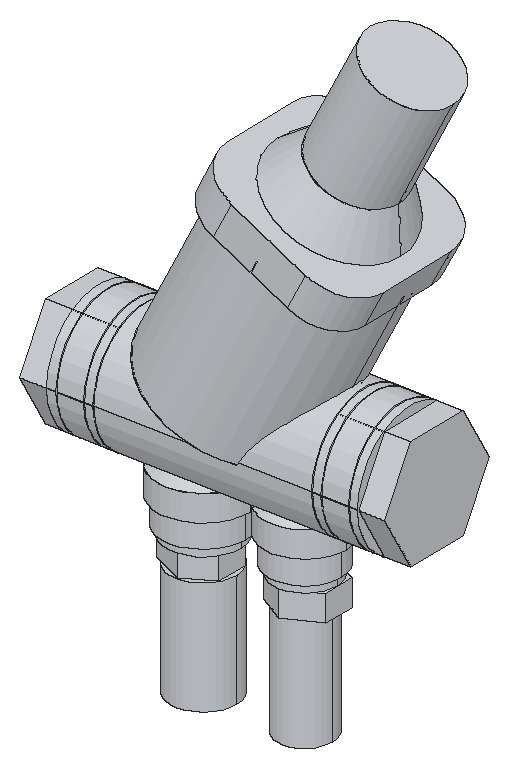
Revit family "Sigma_Compact_DN020_LF_RFA_2018", category Pipe Accessories, Revit 2018
Family settings
  Round Connector Dimension = Use Diameter
  Part Type = Valve - Breaks Into
  Work Plane-Based = No
  Always vertical = Yes
  Cut with Voids When Loaded = No
  Shared = No
Parameters (values of type "Sigma Compact DN 20 LF s měřením")
  magiProductId = "530dd69e715c4b5ea08f3ea7c41338"
  magiProductFamilyId = "899bca4e67ce4698b7af5040674aaa"
  magiPartTypeId = 304
  isMeasuringValve [instance] = no
  ang2D [instance] = 0.00°
  Z6 = 26.1 mm
  Z5 = 60.9 mm
  Z4 = 52.2 mm
  Z3 = 8.7 mm
  Z2 = 43.5 mm
  XR2 = 25 mm
  XR1 = 13 mm
  W2D = 15 mm
  VersionID = "2.0/2018.12.13.2/FRESE_SIGMA_PLUG_Q13_001"
  Use Minimum Symbol Size [instance] = no
  URL = "www.hydronic.cz"
  Type Comments = "závitový; vnitřní závit; PN25; max dp=400kPa; -10~+120°C; max uzavírací tlak 1MPa"
  R4 = 15 mm
  R3 = 10 mm
  R2 = 14 mm
  R1 = 19 mm
  QmdConnectorList = "301;D;302;D"
  Productdata [instance] = ""
  NL__ve = -NL  # -15.8 mm
  NL = 15.8 mm
  Manufacturer = "Hydronic Systems Prague s.r.o."
  MC Use Limits From Balancing Method = no
  MC Throttling Minimum Value = 0
  MC Throttling Maximum Value = 0
  MC Product Code = "53-2202 DN20 FF s měřením; (86-1550 l/h); kvs=4,0"
  MC Pressure Drop Minimum Value = 0.0 Pa
  MC Pressure Drop Maximum Value = 0.0 Pa
  MC Piping Given Pressure Drop [instance] = 0.0 Pa
  M5 = 33.7 mm
  M4 = 31.7 mm
  M3 = 25.7 mm
  M2 = 23.7 mm
  LP = 39.5 mm
  LM = 47.4 mm
  LL__ve = -LL  # -5.7 mm
  LLT__ve = -LLT  # -14.9 mm
  LLT = 14.9 mm
  LLL = 11 mm
  LL3 = 41 mm
  LL2 = 32 mm
  LL = 5.7 mm
  L3 = 11 mm
  L2D_Min = 30.48 mm
  L2D = 65 mm
  Description = "Automatický vyvažovací ventil"
  DR1 = no
  DR0 = yes
  DL2 = 66 mm
  D = 20 mm
  CenSd_R2_6 = R2 * cos(30.00°)  # 12.124 mm
  CAT0 = yes
  C0D1 = no
  C0D0 = yes
Types (3, lengths in mm): name | magiProductId | Z6 | Z5 | Z4 | Z3 | Z2 | R2 | NL__ve | NL | MC Product Code | M5 | M4 | M3 | M2 | LP | LM | LL__ve | LLT__ve | LLT | LLL | LL2 | LL | D | CenSd_R2_6
  Sigma Compact DN 15 LF s měřením | "4a904ca02dcd4d4b8bc93e9b7121ab" | 26.1 | 60.9 | 52.2 | 8.7 | 43.5 | 14 | -15 | 15 | "53-2200 DN15 FF s měřením; (40-900 l/h); kvs=2,6" | 32.5 | 30.5 | 24.5 | 22.5 | 37.5 | 45 | -5.7 | -14.9 | 14.9 | 11 | 32 | 5.7 | 15 | 12.124
  Sigma Compact DN 20 LF s měřením | "530dd69e715c4b5ea08f3ea7c41338" | 26.1 | 60.9 | 52.2 | 8.7 | 43.5 | 14 | -15.8 | 15.8 | "53-2202 DN20 FF s měřením; (86-1550 l/h); kvs=4,0" | 33.7 | 31.7 | 25.7 | 23.7 | 39.5 | 47.4 | -5.7 | -14.9 | 14.9 | 11 | 32 | 5.7 | 20 | 12.124
  Sigma Compact DN 25 LF s měřením | "bcbd50229c6f49259ed1f55c66b3ed" | 27 | 63 | 54 | 9 | 45 | 18 | -16.6 | 16.6 | "53-2208 DN25 FF s měřením; (95-2000 l/h); kvs=3,9" | 34.9 | 32.9 | 26.9 | 24.9 | 41.5 | 49.8 | -5.9 | -16.3 | 16.3 | 9 | 34 | 5.9 | 25 | 15.588
Reference planes
  plane 1 "Center (Front/Back)": y = 0
  plane 2 "XYPLANE": z = 0
  plane 3 "Center (Left/Right)": x = 0
  plane 4 "408": x = 39.5
  plane 5 "407": x = -39.5
  plane 6 "404": z = -35.3
  plane 7 "403": z = -41
  plane 8 "402": z = -66
  plane 9 "213": x = -11
  plane 10 "168": z = -10.9
  plane 11 "167": z = -12.9
  plane 12 "166": z = -18.6
  plane 13 "165": z = -24.3
  plane 14 "164": z = -26.3
  plane 15 "154": z = 0
  plane 16 "152": y = 0
  plane 17 "151": z = -32
  plane 18 "150": x = 11
  plane 19 "75": through (318.218, 0, 679.605) normal (0.891, 0, -0.454)
  plane 20 "74": x = 33.7
  plane 21 "73": x = 31.7
  plane 22 "72": x = 25.7
  plane 23 "71": x = 23.7
  plane 24 "70": x = -33.7
  plane 25 "69": x = -31.7
  plane 26 "68": x = -25.7
  plane 27 "67": y = 0
  plane 28 "66": through (-666.893, 0, 343.166) normal (0.454, 0, 0.891)
  plane 29 "65": x = -23.7
  plane 30 "64": through (335.147, 0, 670.979) normal (0.891, 0, -0.454)
  plane 31 "63": through (-648.506, 0, 379.252) normal (0.454, 0, 0.891)
  plane 32 "62": through (352.076, 0, 662.353) normal (0.891, 0, -0.454)
  plane 33 "61": y = 19
  plane 34 "60": y = -19
  plane 35 "59": through (-644.557, 0, 387.003) normal (0.454, 0, 0.891)
  plane 36 "58": through (-640.607, 0, 394.755) normal (0.454, 0, 0.891)
  plane 37 "56": x = 0
  plane 38 "55": through (-668.255, 0, 340.493) normal (0.454, 0, 0.891)
  plane 39 "102XY": through (-668.255, 0, 340.493) normal (0.454, 0, 0.891)
  plane 40 "102XZ": y = 0
  plane 41 "102YZ": through (340.493, 0, 668.255) normal (0.891, 0, -0.454)
Forms (mm)
  Extrusion 1, solid
    sketch origin (39.5, -750, 0) x (0, 1, 0) y (0, 0, 1)
      loop
        line (764, 0) -> (757, 12.124) -> (743, 12.124) -> (736, 0) -> (743, -12.124) -> (757, -12.124) -> (764, 0)
    from 0 to -15.8 <- "NL__ve"
  Extrusion 2, solid
    sketch origin (-39.5, -750, 0) x (0, 1, 0) y (0, 0, 1)
      loop
        line (736, 0) -> (743, -12.124) -> (757, -12.124) -> (764, 0) -> (757, 12.124) -> (743, 12.124) -> (736, 0)
    from 0 to 15.8 <- "NL"
  Extrusion 3, solid, visible <- "C0D1"
    sketch origin (-750, 0, -66) x (1, 0, 0) y (0, 1, 0)
      loop
        circle (739, 0) r 8.2
    from 0 to 50
  Extrusion 4, solid, visible <- "DR1"
    sketch origin (-750, 0, -35.3) x (1, 0, 0) y (0, 1, 0)
      loop
        line (739, -8) -> (745.928, -4) -> (745.928, 4) -> (739, 8) -> (730.872, 4) -> (730.872, -4) -> (739, -8)
    from 0 to -5.7 <- "LL__ve"
  Extrusion 5, solid, visible <- "DR1"
    sketch origin (-750, 0, -35.3) x (1, 0, 0) y (0, 1, 0)
      loop
        circle (739, 0) r 9.2
    from 0 to 11 <- "LLL"
  Extrusion 6, solid, visible <- "DR1"
    sketch origin (-750, 0, -24.3) x (1, 0, 0) y (0, 1, 0)
      loop
        circle (739, 0) r 10.2
    from 0 to 5.7 <- "LL"
  Extrusion 7, solid, visible <- "DR1"
    sketch origin (-750, 0, -18.6) x (1, 0, 0) y (0, 1, 0)
      loop
        circle (739, 0) r 11.2
    from 0 to 5.7 <- "LL"
  Blend 8, solid, visible <- "DR1"
    base sketch origin (-750, 0, -10.9) x (1, 0, 0) y (0, 1, 0)
      loop
        circle (739, 0) r 8.7
    top sketch origin (-750, 0, -10.9) x (1, 0, 0) y (0, 1, 0)
      loop
        circle (739, 0) r 11.2
    from 0 to -2
  Extrusion 9, solid, visible <- "DR1"
    sketch origin (-750, 0, 0) x (1, 0, 0) y (0, 1, 0)
      loop
        circle (739, 0) r 8.7
    from 0 to -14.9 <- "LLT__ve"
  Extrusion 10, solid, visible <- "C0D0"
    sketch origin (-750, 0, -32) x (1, 0, 0) y (0, 1, 0)
      loop
        circle (739, 0) r 7.2
    from 0 to -25
  Extrusion 11, solid, visible <- "DR0"
    sketch origin (-750, 0, -26.3) x (1, 0, 0) y (0, 1, 0)
      loop
        line (739, -7) -> (745.062, -3.5) -> (745.062, 3.5) -> (739, 7) -> (731.738, 3.5) -> (731.738, -3.5) -> (739, -7)
    from 0 to -5.7 <- "LL__ve"
  Extrusion 12, solid, visible <- "DR0"
    sketch origin (-750, 0, -26.3) x (1, 0, 0) y (0, 1, 0)
      loop
        circle (739, 0) r 8.2
    from 0 to 2
  Extrusion 13, solid, visible <- "DR0"
    sketch origin (-750, 0, -18.6) x (1, 0, 0) y (0, 1, 0)
      loop
        circle (739, 0) r 10.2
    from 0 to 5.7 <- "LL"
  Blend 14, solid, visible <- "DR0"
    base sketch origin (-750, 0, -10.9) x (1, 0, 0) y (0, 1, 0)
      loop
        circle (739, 0) r 7.7
    top sketch origin (-750, 0, -10.9) x (1, 0, 0) y (0, 1, 0)
      loop
        circle (739, 0) r 10.2
    from 0 to -2
  Extrusion 15, solid, visible <- "DR0"
    sketch origin (-750, 0, 0) x (1, 0, 0) y (0, 1, 0)
      loop
        circle (739, 0) r 7.7
    from 0 to -14.9 <- "LLT__ve"
  Extrusion 16, solid, visible <- "DR0"
    sketch origin (-750, 0, 0) x (1, 0, 0) y (0, 1, 0)
      loop
        circle (739, 0) r 7.7
    from 0 to -14.9 <- "LLT__ve"
  Blend 17, solid, visible <- "DR0"
    base sketch origin (-750, 0, -10.9) x (1, 0, 0) y (0, 1, 0)
      loop
        circle (739, 0) r 7.7
    top sketch origin (-750, 0, -10.9) x (1, 0, 0) y (0, 1, 0)
      loop
        circle (739, 0) r 10.2
    from 0 to -2
  Extrusion 18, solid, visible <- "DR0"
    sketch origin (-750, 0, -18.6) x (1, 0, 0) y (0, 1, 0)
      loop
        circle (739, 0) r 10.2
    from 0 to 5.7 <- "LL"
  Extrusion 19, solid, visible <- "DR0"
    sketch origin (-750, 0, -24.3) x (1, 0, 0) y (0, 1, 0)
      loop
        circle (739, 0) r 9.2
    from 0 to 5.7 <- "LL"
  Extrusion 20, solid, visible <- "DR0"
    sketch origin (-750, 0, -26.3) x (1, 0, 0) y (0, 1, 0)
      loop
        circle (739, 0) r 8.2
    from 0 to 2
  Extrusion 21, solid, visible <- "DR0"
    sketch origin (-750, 0, -26.3) x (1, 0, 0) y (0, 1, 0)
      loop
        line (739, -7) -> (745.062, -3.5) -> (745.062, 3.5) -> (739, 7) -> (731.738, 3.5) -> (731.738, -3.5) -> (739, -7)
    from 0 to -5.7 <- "LL__ve"
  Extrusion 22, solid, visible <- "C0D0"
    sketch origin (-750, 0, -32) x (1, 0, 0) y (0, 1, 0)
      loop
        circle (739, 0) r 7.2
    from 0 to -25
  Extrusion 23, solid, visible <- "CAT0"
    sketch origin (-750, 0, -32) x (1, 0, 0) y (0, 1, 0)
      loop
        circle (761, 0) r 6
    from 0 to -25
  Extrusion 24, solid
    sketch origin (-750, 0, -26.3) x (1, 0, 0) y (0, 1, 0)
      loop
        line (761, -7) -> (768.262, -3.5) -> (768.262, 3.5) -> (761, 7) -> (754.938, 3.5) -> (754.938, -3.5) -> (761, -7)
    from 0 to -5.7 <- "LL__ve"
  Extrusion 25, solid
    sketch origin (-750, 0, -26.3) x (1, 0, 0) y (0, 1, 0)
      loop
        circle (761, 0) r 7
    from 0 to 2
  Extrusion 26, solid
    sketch origin (-750, 0, -24.3) x (1, 0, 0) y (0, 1, 0)
      loop
        circle (761, 0) r 8
    from 0 to 5.7 <- "LL"
  Extrusion 27, solid
    sketch origin (-750, 0, -18.6) x (1, 0, 0) y (0, 1, 0)
      loop
        circle (761, 0) r 9
    from 0 to 5.7 <- "LL"
  Blend 28, solid
    base sketch origin (-750, 0, -10.9) x (1, 0, 0) y (0, 1, 0)
      loop
        circle (761, 0) r 6.5
    top sketch origin (-750, 0, -10.9) x (1, 0, 0) y (0, 1, 0)
      loop
        circle (761, 0) r 9
    from 0 to -2
  Extrusion 29, solid
    sketch origin (-750, 0, 0) x (1, 0, 0) y (0, 1, 0)
      loop
        circle (761, 0) r 6.5
    from 0 to -14.9 <- "LLT__ve"
  Blend 30, solid, visible <- "CAT0"
    base sketch origin (31.7, -750, 0) x (0, 1, 0) y (0, 0, 1)
      loop
        circle (750, 0) r 14
    top sketch origin (31.7, -750, 0) x (0, 1, 0) y (0, 0, 1)
      loop
        circle (750, 0) r 14
    from 0 to 2
  Extrusion 31, solid, visible <- "CAT0"
    sketch origin (25.7, -750, 0) x (0, 1, 0) y (0, 0, 1)
      loop
        circle (750, 0) r 14
    from 0 to 6
  Blend 32, solid, visible <- "CAT0"
    base sketch origin (23.7, -750, 0) x (0, 1, 0) y (0, 0, 1)
      loop
        circle (750, 0) r 14
    top sketch origin (23.7, -750, 0) x (0, 1, 0) y (0, 0, 1)
      loop
        circle (750, 0) r 14
    from 0 to 2
  Blend 33, solid, visible <- "CAT0"
    base sketch origin (-31.7, -750, 0) x (0, 1, 0) y (0, 0, 1)
      loop
        circle (750, 0) r 14
    top sketch origin (-31.7, -750, 0) x (0, 1, 0) y (0, 0, 1)
      loop
        circle (750, 0) r 14
    from 0 to -2
  Extrusion 34, solid, visible <- "CAT0"
    sketch origin (-31.7, -750, 0) x (0, 1, 0) y (0, 0, 1)
      loop
        circle (750, 0) r 14
    from 0 to 6
  Blend 35, solid, visible <- "CAT0"
    base sketch origin (-25.7, -750, 0) x (0, 1, 0) y (0, 0, 1)
      loop
        circle (750, 0) r 14
    top sketch origin (-25.7, -750, 0) x (0, 1, 0) y (0, 0, 1)
      loop
        circle (750, 0) r 14
    from 0 to 2
  Extrusion 36, solid, visible <- "CAT0"
    sketch origin (-23.7, -750, 0) x (0, 1, 0) y (0, 0, 1)
      loop
        circle (750, 0) r 14
    from 0 to 47.4 <- "LM"
  Extrusion 37, solid, visible <- "CAT0"
    sketch origin (-666.893, 0, 343.166) x (0.891007, 0, -0.45399) y (0, 1, 0)
      loop
        circle (744, 0) r 19
    from 0 to 43.5 <- "Z2"
  Extrusion 38, solid, visible <- "CAT0"
    sketch origin (-648.506, 0, 379.252) x (0.891007, 0, -0.45399) y (0, 1, 0)
      loop
        arc (735, 19) -> (727.929, 16.071) -> (725, 9) r 10
        line (725, 9) -> (725, -9)
        arc (725, -9) -> (727.929, -16.071) -> (735, -19) r 10
        line (735, -19) -> (753, -19)
        arc (753, -19) -> (760.071, -16.071) -> (763, -9) r 10
        line (763, -9) -> (763, 9)
        arc (763, 9) -> (760.071, 16.071) -> (753, 19) r 10
        line (753, 19) -> (735, 19)
    from 0 to 8.7 <- "Z3"
  Blend 39, solid, visible <- "CAT0"
    base sketch origin (-644.557, 0, 387.003) x (0.891007, 0, -0.45399) y (0, 1, 0)
      loop
        circle (744, 0) r 15
    top sketch origin (-644.557, 0, 387.003) x (0.891007, 0, -0.45399) y (0, 1, 0)
      loop
        circle (744, 0) r 10
    from 0 to 8.7
  Extrusion 40, solid, visible <- "CAT0"
    sketch origin (-640.607, 0, 394.755) x (0.891007, 0, -0.45399) y (0, 1, 0)
      loop
        circle (744, 0) r 10
    from 0 to 26.1 <- "Z6"
  Blend 41, solid, visible <- "CAT0"
    base sketch origin (-668.255, 0, 340.493) x (0.891007, 0, -0.45399) y (0, 1, 0)
      loop
        circle (744, 0) r 15
    top sketch origin (-668.255, 0, 340.493) x (0.891007, 0, -0.45399) y (0, 1, 0)
      loop
        circle (744, 0) r 19
    from 0 to 3
  Extrusion 42, solid, not visible
    sketch origin (-33.7, -750, 0) x (0, 1, 0) y (0, 0, 1)
      loop
        circle (750, 0) r 10
    from 0 to 10
  Extrusion 43, solid, not visible
    sketch origin (33.7, -750, 0) x (0, 1, 0) y (0, 0, 1)
      loop
        circle (750, 0) r 10
    from 0 to -10
Lines and regions (mm)
  reference lines, not visible
    curve 1: circle (2, 2, 0) r 1 normal (0, 0, 1)
  reference lines
    curve 2: line (39.5, 0, 0) -> (39.5, -3.5, 6.062)
    curve 3: line (39.5, 0, 0) -> (39.5, -7, 0)
    curve 4: line (39.5, 0, 0) -> (39.5, -3.5, -6.062)
    curve 5: line (-39.5, 0, 0) -> (-39.5, 3.5, 6.062)
    curve 6: line (-39.5, 0, 0) -> (-39.5, 7, 0)
    curve 7: line (-39.5, 0, 0) -> (-39.5, 3.5, -6.062)
Dimensions and locks
  plane 1 "Center (Front/Back)" to curve 1 = 2 mm
  "LP": plane 37 "56" to plane 4 "408"
  "LP": plane 37 "56" to plane 5 "407"
  "LL": plane 7 "403" to plane 6 "404"
  "LL3": plane 2 "XYPLANE" to plane 7 "403"
  "DL2": plane 2 "XYPLANE" to plane 8 "402"
  "L3": plane 3 "Center (Left/Right)" to plane 9 "213"
  locked: plane 11 "167" to plane 10 "168" at 2
  "LL": plane 12 "166" to plane 11 "167"
  "LL": plane 13 "165" to plane 12 "166"
  locked: plane 14 "164" to plane 13 "165" at 2
  "LL": plane 17 "151" to plane 14 "164"
  locked: plane 2 "XYPLANE" to plane 15 "154"
  locked: plane 1 "Center (Front/Back)" to plane 16 "152"
  "LL2": plane 2 "XYPLANE" to plane 17 "151"
  "L3": plane 3 "Center (Left/Right)" to plane 18 "150"
  "XR2": plane 41 "102YZ" to plane 19 "75"
  "M5": plane 3 "Center (Left/Right)" to plane 20 "74"
  "M4": plane 3 "Center (Left/Right)" to plane 21 "73"
  "M3": plane 3 "Center (Left/Right)" to plane 22 "72"
  "M2": plane 3 "Center (Left/Right)" to plane 23 "71"
  "M5": plane 3 "Center (Left/Right)" to plane 24 "70"
  "M4": plane 3 "Center (Left/Right)" to plane 25 "69"
  "M3": plane 3 "Center (Left/Right)" to plane 26 "68"
  locked: plane 16 "152" to plane 27 "67"
  locked: plane 39 "102XY" to plane 28 "66" at 3
  "M2": plane 3 "Center (Left/Right)" to plane 29 "65"
  locked: plane 41 "102YZ" to plane 30 "64" at 6
  "Z2": plane 39 "102XY" to plane 31 "63"
  "XR1": plane 41 "102YZ" to plane 32 "62"
  "R1": plane 16 "152" to plane 33 "61"
  "R1": plane 16 "152" to plane 34 "60"
  "Z4": plane 39 "102XY" to plane 35 "59"
  "Z5": plane 39 "102XY" to plane 36 "58"
  locked: plane 3 "Center (Left/Right)" to plane 37 "56"
  locked: plane 39 "102XY" to plane 38 "55"
  "CenSd_R2_6": curve 2 to Extrusion 1 sketch curve  (x2)
  "CenSd_R2_6": curve 3 to Extrusion 1 sketch curve  (x2)
  "CenSd_R2_6": curve 4 to Extrusion 1 sketch curve  (x2)
  Extrusion 1 sketch curve to Extrusion 1 sketch curve = 0 mm  (x12)
  "CenSd_R2_6": curve 5 to Extrusion 2 sketch curve  (x2)
  "CenSd_R2_6": curve 6 to Extrusion 2 sketch curve  (x2)
  "CenSd_R2_6": curve 7 to Extrusion 2 sketch curve  (x2)
  Extrusion 2 sketch curve to Extrusion 2 sketch curve = 0 mm  (x12)
  Extrusion 4 sketch curve to Extrusion 4 sketch curve = 0 mm  (x12)
  Extrusion 11 sketch curve to Extrusion 11 sketch curve = 0 mm  (x12)
  Extrusion 21 sketch curve to Extrusion 21 sketch curve = 0 mm  (x12)
  Extrusion 24 sketch curve to Extrusion 24 sketch curve = 0 mm  (x12)
  Extrusion 38 sketch curve to Extrusion 38 sketch curve = 0 mm  (x16)
  "R2": radius of Blend 30 sketch curve  (x2)
  "R2": radius of Extrusion 31 sketch curve
  "R2": radius of Blend 32 sketch curve  (x2)
  "R2": radius of Blend 33 sketch curve  (x2)
  "R2": radius of Extrusion 34 sketch curve
  "R2": radius of Blend 35 sketch curve  (x2)
  "R2": radius of Extrusion 36 sketch curve
  "R1": radius of Extrusion 37 sketch curve
  radius of Extrusion 38 sketch curve = 10 mm  (x4)
  "R3": radius of Blend 39 sketch curve
  "R4": radius of Blend 39 sketch curve
  "R3": radius of Extrusion 40 sketch curve
  "R1": radius of Blend 41 sketch curve
  locked: curve 3 to curve 2 (angle 60.00°)
  locked: curve 4 to curve 3 (angle 60.00°)
  locked: curve 4 to curve 2 (angle 120.00°)
  locked: curve 6 to curve 5 (angle 60.00°)
  locked: curve 7 to curve 6 (angle 60.00°)
  locked: curve 7 to curve 5 (angle 120.00°)
  aligned and locked: level to plane 2 "XYPLANE"
  aligned and locked: plane 15 "154" to curve 4
  aligned and locked: curve 4 to plane 16 "152"
  aligned and locked: plane 15 "154" to curve 7
  aligned and locked: curve 7 to plane 16 "152"
  aligned and locked: plane 9 "213" to Extrusion 3 sketch curve
  aligned and locked: plane 16 "152" to Extrusion 3 sketch curve
  aligned and locked: plane 9 "213" to Extrusion 5 sketch curve
  aligned and locked: plane 16 "152" to Extrusion 5 sketch curve
  aligned and locked: plane 9 "213" to Extrusion 6 sketch curve
  aligned and locked: plane 16 "152" to Extrusion 6 sketch curve
  aligned and locked: plane 9 "213" to Extrusion 7 sketch curve
  aligned and locked: plane 16 "152" to Extrusion 7 sketch curve
  aligned and locked: plane 9 "213" to Blend 8 sketch curve  (x2)
  aligned and locked: plane 16 "152" to Blend 8 sketch curve  (x2)
  aligned and locked: Blend 8 to plane 11 "167"
  aligned and locked: plane 9 "213" to Extrusion 9 sketch curve
  aligned and locked: plane 16 "152" to Extrusion 9 sketch curve
  aligned and locked: plane 9 "213" to Extrusion 10 sketch curve
  aligned and locked: plane 16 "152" to Extrusion 10 sketch curve
  aligned and locked: plane 9 "213" to Extrusion 12 sketch curve
  aligned and locked: plane 16 "152" to Extrusion 12 sketch curve
  aligned and locked: plane 9 "213" to Extrusion 13 sketch curve
  aligned and locked: plane 16 "152" to Extrusion 13 sketch curve
  aligned and locked: plane 9 "213" to Blend 14 sketch curve  (x2)
  aligned and locked: plane 16 "152" to Blend 14 sketch curve  (x2)
  aligned and locked: Blend 14 to plane 11 "167"
  aligned and locked: plane 9 "213" to Extrusion 15 sketch curve
  aligned and locked: plane 16 "152" to Extrusion 15 sketch curve
  aligned and locked: plane 9 "213" to Extrusion 16 sketch curve
  aligned and locked: plane 16 "152" to Extrusion 16 sketch curve
  aligned and locked: plane 9 "213" to Blend 17 sketch curve  (x2)
  aligned and locked: plane 16 "152" to Blend 17 sketch curve  (x2)
  aligned and locked: Blend 17 to plane 11 "167"
  aligned and locked: plane 9 "213" to Extrusion 18 sketch curve
  aligned and locked: plane 16 "152" to Extrusion 18 sketch curve
  aligned and locked: plane 9 "213" to Extrusion 19 sketch curve
  aligned and locked: plane 16 "152" to Extrusion 19 sketch curve
  aligned and locked: plane 9 "213" to Extrusion 20 sketch curve
  aligned and locked: plane 16 "152" to Extrusion 20 sketch curve
  aligned and locked: plane 9 "213" to Extrusion 22 sketch curve
  aligned and locked: plane 16 "152" to Extrusion 22 sketch curve
  aligned and locked: plane 16 "152" to Extrusion 23 sketch curve
  aligned and locked: plane 18 "150" to Extrusion 23 sketch curve
  aligned and locked: plane 16 "152" to Extrusion 25 sketch curve
  aligned and locked: plane 18 "150" to Extrusion 25 sketch curve
  aligned and locked: plane 16 "152" to Extrusion 26 sketch curve
  aligned and locked: plane 18 "150" to Extrusion 26 sketch curve
  aligned and locked: plane 16 "152" to Extrusion 27 sketch curve
  aligned and locked: plane 18 "150" to Extrusion 27 sketch curve
  aligned and locked: plane 16 "152" to Blend 28 sketch curve  (x2)
  aligned and locked: plane 18 "150" to Blend 28 sketch curve  (x2)
  aligned and locked: Blend 28 to plane 11 "167"
  aligned and locked: plane 16 "152" to Extrusion 29 sketch curve
  aligned and locked: plane 18 "150" to Extrusion 29 sketch curve
  aligned and locked: plane 15 "154" to Blend 30 sketch curve  (x2)
  aligned and locked: Blend 30 sketch curve to plane 16 "152"  (x2)
  aligned and locked: plane 20 "74" to Blend 30
  aligned and locked: plane 15 "154" to Extrusion 31 sketch curve
  aligned and locked: Extrusion 31 sketch curve to plane 16 "152"
  aligned and locked: plane 15 "154" to Blend 32 sketch curve  (x2)
  aligned and locked: Blend 32 sketch curve to plane 16 "152"  (x2)
  aligned and locked: plane 22 "72" to Blend 32
  aligned and locked: plane 15 "154" to Blend 33 sketch curve  (x2)
  aligned and locked: Blend 33 sketch curve to plane 16 "152"  (x2)
  aligned and locked: Blend 33 to plane 24 "70"
  aligned and locked: plane 15 "154" to Extrusion 34 sketch curve
  aligned and locked: Extrusion 34 sketch curve to plane 16 "152"
  aligned and locked: plane 15 "154" to Blend 35 sketch curve  (x2)
  aligned and locked: Blend 35 sketch curve to plane 16 "152"  (x2)
  aligned and locked: plane 29 "65" to Blend 35
  aligned and locked: plane 15 "154" to Extrusion 36 sketch curve
  aligned and locked: Extrusion 36 sketch curve to plane 16 "152"
  aligned and locked: plane 27 "67" to Extrusion 37 sketch curve
  aligned and locked: Extrusion 37 sketch curve to plane 30 "64"
  aligned and locked: Extrusion 38 sketch curve to plane 19 "75"
  aligned and locked: Extrusion 38 sketch curve to plane 34 "60"
  aligned and locked: Extrusion 38 sketch curve to plane 32 "62"
  aligned and locked: plane 33 "61" to Extrusion 38 sketch curve
  aligned and locked: plane 27 "67" to Blend 39 sketch curve  (x2)
  aligned and locked: Blend 39 sketch curve to plane 30 "64"  (x2)
  aligned and locked: plane 36 "58" to Blend 39
  aligned and locked: plane 27 "67" to Extrusion 40 sketch curve
  aligned and locked: Extrusion 40 sketch curve to plane 30 "64"
  aligned and locked: plane 27 "67" to Blend 41 sketch curve  (x2)
  aligned and locked: Blend 41 sketch curve to plane 30 "64"  (x2)
  aligned and locked: plane 28 "66" to Blend 41
  aligned and locked: plane 15 "154" to Extrusion 42 sketch curve
  aligned and locked: Extrusion 42 sketch curve to plane 16 "152"
  aligned and locked: plane 15 "154" to Extrusion 43 sketch curve
  aligned and locked: Extrusion 43 sketch curve to plane 16 "152"
Automatic sketch dimensions
  plane 29 "65" to Extrusion 3 sketch curve = 4.5 mm
  Extrusion 4 sketch curve to plane 9 "213" = 0 mm  (x2)
  plane 29 "65" to Extrusion 4 sketch curve = 4.572 mm
  Extrusion 4 sketch curve to plane 3 "Center (Left/Right)" = 4.072 mm
  plane 1 "Center (Front/Back)" to Extrusion 4 sketch curve = 8 mm
  plane 1 "Center (Front/Back)" to Extrusion 4 sketch curve = 4 mm  (x2)
  Extrusion 4 sketch curve to plane 1 "Center (Front/Back)" = 4 mm  (x2)
  Extrusion 4 sketch curve to Extrusion 4 sketch curve = 4 mm
  plane 29 "65" to Extrusion 5 sketch curve = 3.5 mm
  plane 29 "65" to Extrusion 6 sketch curve = 2.5 mm
  plane 29 "65" to Extrusion 7 sketch curve = 1.5 mm
  plane 29 "65" to Blend 8 sketch curve = 4 mm
  plane 29 "65" to Blend 8 sketch curve = 1.5 mm
  plane 29 "65" to Extrusion 9 sketch curve = 4 mm
  plane 29 "65" to Extrusion 10 sketch curve = 5.5 mm
  Extrusion 11 sketch curve to plane 9 "213" = 0 mm  (x2)
  plane 29 "65" to Extrusion 11 sketch curve = 5.438 mm
  Extrusion 11 sketch curve to plane 3 "Center (Left/Right)" = 4.938 mm
  plane 1 "Center (Front/Back)" to Extrusion 11 sketch curve = 7 mm
  plane 1 "Center (Front/Back)" to Extrusion 11 sketch curve = 3.5 mm  (x2)
  Extrusion 11 sketch curve to plane 1 "Center (Front/Back)" = 3.5 mm  (x2)
  Extrusion 11 sketch curve to Extrusion 11 sketch curve = 3.5 mm
  plane 29 "65" to Extrusion 12 sketch curve = 4.5 mm
  plane 29 "65" to Extrusion 13 sketch curve = 2.5 mm
  plane 29 "65" to Blend 14 sketch curve = 5 mm
  plane 29 "65" to Blend 14 sketch curve = 2.5 mm
  plane 29 "65" to Extrusion 15 sketch curve = 5 mm
  plane 29 "65" to Extrusion 16 sketch curve = 5 mm
  plane 29 "65" to Blend 17 sketch curve = 5 mm
  plane 29 "65" to Blend 17 sketch curve = 2.5 mm
  plane 29 "65" to Extrusion 18 sketch curve = 2.5 mm
  plane 29 "65" to Extrusion 19 sketch curve = 3.5 mm
  plane 29 "65" to Extrusion 20 sketch curve = 4.5 mm
  Extrusion 21 sketch curve to plane 9 "213" = 0 mm  (x2)
  plane 29 "65" to Extrusion 21 sketch curve = 5.438 mm
  Extrusion 21 sketch curve to plane 3 "Center (Left/Right)" = 4.938 mm
  plane 1 "Center (Front/Back)" to Extrusion 21 sketch curve = 7 mm
  plane 1 "Center (Front/Back)" to Extrusion 21 sketch curve = 3.5 mm  (x2)
  Extrusion 21 sketch curve to plane 1 "Center (Front/Back)" = 3.5 mm  (x2)
  Extrusion 21 sketch curve to Extrusion 21 sketch curve = 3.5 mm
  plane 29 "65" to Extrusion 22 sketch curve = 5.5 mm
  plane 3 "Center (Left/Right)" to Extrusion 23 sketch curve = 5 mm
  Extrusion 24 sketch curve to plane 18 "150" = 0 mm  (x2)
  plane 3 "Center (Left/Right)" to Extrusion 24 sketch curve = 4.938 mm
  Extrusion 24 sketch curve to plane 23 "71" = 5.438 mm
  plane 1 "Center (Front/Back)" to Extrusion 24 sketch curve = 7 mm
  plane 1 "Center (Front/Back)" to Extrusion 24 sketch curve = 3.5 mm  (x2)
  Extrusion 24 sketch curve to plane 1 "Center (Front/Back)" = 3.5 mm  (x2)
  Extrusion 24 sketch curve to Extrusion 24 sketch curve = 3.5 mm
  plane 3 "Center (Left/Right)" to Extrusion 25 sketch curve = 4 mm
  plane 3 "Center (Left/Right)" to Extrusion 26 sketch curve = 3 mm
  plane 3 "Center (Left/Right)" to Extrusion 27 sketch curve = 2 mm
  plane 3 "Center (Left/Right)" to Blend 28 sketch curve = 4.5 mm
  plane 3 "Center (Left/Right)" to Blend 28 sketch curve = 2 mm
  plane 3 "Center (Left/Right)" to Extrusion 29 sketch curve = 4.5 mm
  plane 19 "75" to Blend 41 sketch curve = 4 mm
  plane 34 "60" to Extrusion 42 sketch curve = 9 mm
  plane 34 "60" to Extrusion 43 sketch curve = 9 mm
  plane 3 "Center (Left/Right)" to curve 1 = 2 mm
  radius of curve 1 = 1 mm
Connectors
  piping at (-33.7, 0, 0), diameter 20, driven by "D"
    settings: on Extrusion 42, index 1, connector inside diameter 609.6 mm, connector length 0 mm, flow factor 0, pipe flow 0.0 L/s, pressure drop 0.0 Pa, fitting loss kfactor 0, connector angle 0.00°, fixture units 0, engagement length 0 mm, angle of deflection 0.00°, flow configuration 0, flow direction 0, fitting loss method 0, system type 29, joint type 0, gender type 0, connector reference index 2, connector utility 0, adjustable connector no, is connector primary yes, connector description ""
  piping at (33.7, 0, 0), diameter 20, driven by "D"
    settings: on Extrusion 43, index 2, connector inside diameter 609.6 mm, connector length 0 mm, flow factor 0, pipe flow 0.0 L/s, pressure drop 0.0 Pa, fitting loss kfactor 0, connector angle 0.00°, fixture units 0, engagement length 0 mm, angle of deflection 0.00°, flow configuration 0, flow direction 0, fitting loss method 0, system type 29, joint type 0, gender type 0, connector reference index 1, connector utility 0, adjustable connector no, is connector primary no, connector description ""
